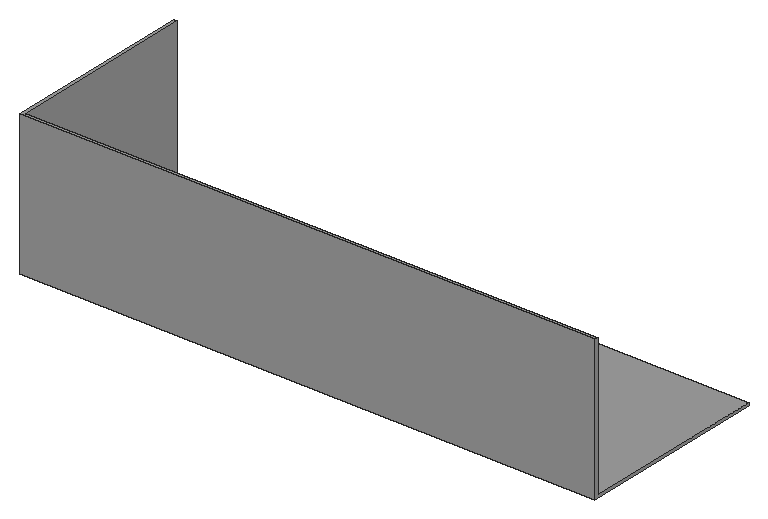
Revit family "Flashing_Preformed_Hyload_EndDam", category Generic Models, Revit 2016
Family settings
  Part Type = Normal
  Can host rebar = No
  Round Connector Dimension = Use Diameter
  OmniClass Number = 23.20.30.24.11
  OmniClass Title = Embedded Flashing
  Work Plane-Based = No
  Always vertical = Yes
  Cut with Voids When Loaded = No
  Shared = No
  Room Calculation Point = No
Parameters (values of type "12 inch")
  Unit Width = 1' - 0"
  Unit Height = 0' - 3"
  Unit Depth = 0' - 4"
  URL = "http://www.hyload.com/"
  Thickness = 0' - 0 1/16"
  Specification = "http://www.arcat.com/sdspecs/htm04/07_65_00hyl.htm"
  Sales Information = "http://www.hyload.com/contact-us"
  Revision = "R1_12-2015"
  Product Properties = "http://www.hyload.com/masonry-flashing/preformed-shapes/"
  Product Data = "http://www.arcat.com/arcatcos/cos33/arc33176.html"
  Model = "12 in End Dam"
  Manufacturer Website = "http://www.hyload.com/"
  Manufacturer Phone - Toll Free = "800-457-4056"
  Manufacturer Phone = "330-769-3546"
  Manufacturer Fax = "330-769-4153"
  Manufacturer Address = "5020 Panther Pkwy., Seville, OH 44273"
  Manufacturer = "Hyload"
  Keynote = "07 65 00"
  Flashing Material = Hyload Flashing Membrane - Grey
  Drawn By = "Robert S. Weygant / Sumex Design"
  Description = "Preformed Hyload Masonry Flashing - 12 in End Dam"
  Copyright = "(c) ARCAT, Inc, 2015"
  Construction Details = "http://www.arcat.com/details/hyload/hyload.html?coid=33176"
  Assembly Code = "B3010400"
Types (5): name | Unit Width | Model | Description
  4 inch | 0' - 4" | "4 in End Dam" | "Preformed Hyload Masonry Flashing - 4 in End Dam"
  6 inch | 0' - 6" | "6 in End Dam" | "Preformed Hyload Masonry Flashing - 6 in End Dam"
  8 inch | 0' - 8" | "8 in End Dam" | "Preformed Hyload Masonry Flashing - 8 in End Dam"
  10 inch | 0' - 10" | "10 in End Dam" | "Preformed Hyload Masonry Flashing - 10 in End Dam"
  12 inch | 1' - 0" | "12 in End Dam" | "Preformed Hyload Masonry Flashing - 12 in End Dam"
Reference planes (in)
  plane 1 "Center (Front/Back)": y = 0
  plane 2: z = 0
  plane 3 "Center (Left/Right)": x = 0
  plane 4: y = 4
  plane 5: x = 12
  plane 6: z = 3
Forms (in)
  Extrusion 1, solid, material "Hyload Flashing Membrane - Grey" <- "Flashing Material"
    sketch origin (0, 0, 0) x (1, 0, 0) y (0, 1, 0)
      loop
        line (0, 4) -> (0, 0) -> (12, 0) -> (12, 4) -> (0, 4)
    from 0 to 0.0625 <- "Thickness"
  Extrusion 2, solid, material "Hyload Flashing Membrane - Grey" <- "Flashing Material"
    sketch origin (0, 0, 0) x (1, 0, 0) y (0, 1, 0)
      loop
        line (0, 4) -> (0, 0) -> (12, 0) -> (12, 0.0625) -> (0.0625, 0.0625) -> (0.0625, 4) -> (0, 4)
    from 0 to 3 <- "Unit Height"
Cuts and joins
  joined: Extrusion 1, Extrusion 2
Dimensions and locks (in)
  "Unit Depth": plane 1 "Center (Front/Back)" to plane 4
  "Unit Width": plane 3 "Center (Left/Right)" to plane 5
  "Unit Height": plane 6 to level
  "Thickness": plane 1 "Center (Front/Back)" to Extrusion 2 sketch curve
  "Thickness": plane 3 "Center (Left/Right)" to Extrusion 2 sketch curve
  plane 3 "Center (Left/Right)" to Extrusion 2 = 1' - 0"
  aligned and locked: plane 2 to level
  aligned and locked: Extrusion 1 sketch curve to plane 4
  aligned and locked: plane 3 "Center (Left/Right)" to Extrusion 1 sketch curve
  aligned and locked: Extrusion 1 sketch curve to plane 1 "Center (Front/Back)"
  aligned and locked: Extrusion 1 sketch curve to plane 5
  aligned and locked: plane 4 to Extrusion 2 sketch curve
  aligned and locked: Extrusion 2 sketch curve to plane 3 "Center (Left/Right)"
  aligned and locked: plane 1 "Center (Front/Back)" to Extrusion 2 sketch curve
  aligned and locked: plane 5 to Extrusion 2 sketch curve
  aligned and locked: Extrusion 2 to level
